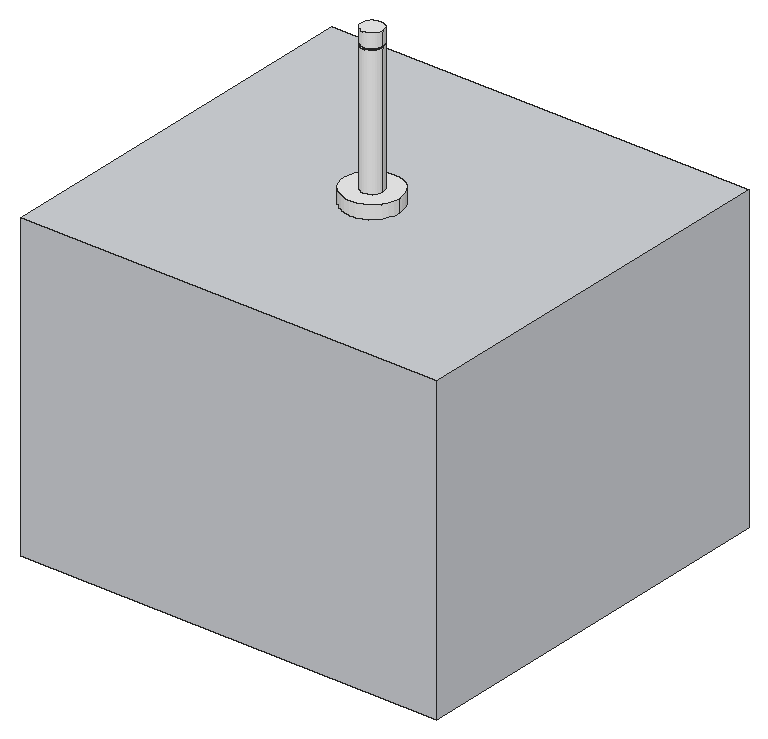
Revit family "IS_Idealrain_B9446_BIM_DE", category Plumbing Fixtures, host Face, Revit 2016
Family settings
  Host = Face
  Part Type = Normal
  Round Connector Dimension = Use Diameter
  OmniClass Number = 23.45.55.17
  OmniClass Title = Mixing Faucets
  Cut with Voids When Loaded = Yes
  Shared = Yes
  Room Calculation Point = No
Parameters (values of type "B9446AA - IDEALRAIN L1 CEILING ARM 150MM CHROME")
  WorkingPressure = "1-5 Bar"
  WarrantyStartDate = "n/a"
  WarrantyGuarantorParts = "n/a"
  WarrantyGuarantorLabor = "n/a"
  WarrantyDurationUnit = "n/a"
  WarrantyDurationParts = "n/a"
  WarrantyDurationLabor = "n/a"
  WarrantyDescription = "n/a"
  WFU = 0
  VolumeUnits = "Litres"
  Version = "1"
  ValvePattern = "n/a"
  ValveOperation = "n/a"
  ValveMechanism = "n/a"
  Uniclass2015Version = "Products v1.1"
  Uniclass2015Title = "Shower fittings package"
  Uniclass2015Code = "Pr_40_20_87_75"
  URL = "www.idealstandard.de"
  Type Comments = "n/a"
  TestPressure = "10 Bar"
  TagNumber = "n/a"
  SustainabilityPerformance = "n/a"
  SpareParts = "www.idealstandard.de/ersatzteile"
  Space = "Internal"
  Size = "160 x 55 x 55 mm"
  Shape = "Sculptured"
  SerialNumber = "n/a"
  Revision = "n/a"
  ReplacementCost = "n/a"
  Reference = "n/a"
  ProductInformation = "www.idealstandard.de"
  PredefinedType = "n/a"
  Phone = "+49228 5210"
  NominalWidth = 55 mm
  NominalLength = 55 mm
  NominalHeight = 158 mm
  NominalDepth = 0 mm
  NettWeight = "0,175 kg"
  Name = "ISI_IdealStandard_MixerTaps_IDEALRAIN_B9446AA"
  NBSTypeID = "n/a"
  NBSReference = "45-35-70/330"
  NBSOfficeMasterTag = "n/a"
  NBSNote = "n/a"
  NBSDescription = "Shower fittings package"
  NBSCertification = "n/a"
  ModelReference = "IS Deckenanschluss IDEALRAIN, 150mm, Chrom"
  ModelNumber = "B9446AA"
  Model = "B9446AA"
  Material = "Brass"
  ManufacturerURL = "www.idealstandard.de"
  Manufacturer = "idealstandard.de@idealstandard.com"
  LinearUnits = "millimeters"
  InstallationInstructions = "www.idealstandard.de\\produkte"
  InstallationDate = "1900-12-31T23:59:59"
  IfcExportType = "FAUCET"
  IfcExportAs = "IfcValveType"
  Help = "idealstandard.de@idealstandard.com"
  HWFU = 0
  GrossWeight = "0,232 kg"
  Grade = "n/a"
  FlowRate = "n/a"
  FlowCoefficient = "n/a"
  Finish = "Chrome"
  Features = "IDEALRAIN vertical arm for shower head"
  FaucetType = "PILLAR"
  FaucetTopDescription = "n/a"
  FaucetOperation = "LEVERHANDLE"
  FaucetFunction = "MIXED"
  ExpectedLife = "25"
  DurationUnit = "year"
  DistributedBy = "n/a"
  Description = "Idealrain L1 Ceiling Arm 150mm"
  Default Elevation = 0 mm
  CurrencyUnit = "€"
  CreatedOn = "42774"
  Cost = 0
  Constituents = "n/a"
  ConnectionType = "Plumbing"
  Color = "Chrome"
  CodePerformance = "n/a"
  CloseOffRating = "n/a"
  Category = "n/a"
  CWFU = 0
  Brand = "Ideal Standard"
  BarCode = "3800861023937"
  BIMObjectName = "ISI_IdealStandard_MixerTaps_IDEALRAIN_B9446AA"
  Author = "Ideal Standard"
  AssetType = "Fixed"
  AssetIdentifier = "n/a"
  Assembly Code = "C1030200"
  AreaUnits = "millimeters"
  AreaMeasurement = "n/a"
  Accessories = "www.idealstandard.de\\ersatzteile"
  AccessibilityPerformance = "n/a"
Reference planes
  plane 1 "Center (Front/Back)": y = 0
  plane 2: z = 0
  plane 3 "Center (Left/Right)": x = 0
  plane 4: z = 13
  plane 5: z = 158
  plane 6: z = -12
  plane 7: y = 27.5
  plane 8: y = -27.5
  plane 9: x = -27.5
  plane 10: x = 27.5
Forms (mm)
  Extrusion 1, solid
    sketch origin (-2.122, -192.856, 0) x (1, 0, 0) y (0, 1, 0)
      loop
        line (-197.878, 392.856) -> (-197.878, 0.823) -> (220.32, 0.823) -> (220.32, 392.856) -> (-197.878, 392.856)
    from 0 to -304.8
  Extrusion 2, solid, material "IS_RenderMaterial_Chrome - Polished"
    sketch origin (0, 41.65, 158) x (0, 1, 0) y (-1, 0, 0)
      loop
        circle (-41.65, 0) r 10.5
    from 0 to -170
  Extrusion 3, solid, material "IS_RenderMaterial_Chrome - Polished"
    sketch origin (0, 0, 0) x (1, 0, 0) y (0, 1, 0)
      loop
        circle (0, 0) r 27.5
    from 0 to 13
  Revolve 4, void
    sketch origin (0, 0, 0) x (1, 0, 0) y (0, 0, 1)
      loop
        line (10.5, 144.445) -> (9.648, 143.953) -> (9.648, 142.948) -> (10.5, 142.456) -> (10.5, 144.445)
      loop
        line (10.5, 0) -> (9.648, -0.492) -> (9.648, -1.497) -> (10.5, -1.989) -> (10.5, 0)
      axis (0, 144.445) -> (0, -1.989)
    angle from 0 to 360
  Revolve 5, void
    sketch origin (0, 0, 0) x (0, 1, 0) y (0, 0, 1)
      loop
        line (0, 0) -> (0, -12) -> (10.5, -12) -> (10.5, 0) -> (0, 0)
      axis (0, 0) -> (0, -12)
    angle from 0 to 360
Cuts and joins
  Revolve 4 cuts Extrusion 2
  Revolve 4 cuts Extrusion 3
  joined: Extrusion 2, Extrusion 3
Dimensions and locks
  plane 4 to level = 13 mm
  "NominalHeight": plane 5 to level
  "NominalLength": plane 7 to plane 8
  "NominalWidth": plane 9 to plane 10
  aligned and locked: plane 2 to Extrusion 1
  aligned and locked: level to Extrusion 1
  aligned and locked: plane 4 to Extrusion 3
Automatic sketch dimensions
  Extrusion 1 sketch curve to Extrusion 1 sketch curve = 418.198 mm
  Extrusion 1 sketch curve to Extrusion 1 sketch curve = 392.033 mm
  plane 1 "Center (Front/Back)" to Extrusion 2 sketch curve = 0 mm
  Extrusion 2 sketch curve to plane 3 "Center (Left/Right)" = 0 mm
  plane 1 "Center (Front/Back)" to Extrusion 3 sketch curve = 0 mm
  Extrusion 3 sketch curve to plane 3 "Center (Left/Right)" = 0 mm
  Revolve 4 sketch curve to plane 3 "Center (Left/Right)" = 0 mm
  Revolve 4 sketch curve to level = 0 mm
  plane 3 "Center (Left/Right)" to Revolve 4 sketch curve = 9.648 mm  (x2)
  Revolve 4 sketch curve to level = 1.497 mm
  Revolve 4 sketch curve to Revolve 4 sketch curve = 0.852 mm  (x2)
  Revolve 4 sketch curve to level = 1.989 mm
  Revolve 4 sketch curve to level = 0.492 mm
  Revolve 4 sketch curve to plane 5 = 15.544 mm
  Revolve 4 sketch curve to Revolve 4 sketch curve = 0.492 mm  (x2)
  Revolve 4 sketch curve to Revolve 4 sketch curve = 1.005 mm
  plane 4 to Revolve 4 sketch curve = 40 mm
  Revolve 4 sketch curve to Revolve 4 sketch curve = 14.948 mm
  Revolve 5 sketch curve to level = 0 mm
  Revolve 5 sketch curve to plane 1 "Center (Front/Back)" = 0 mm  (x2)
  Revolve 5 sketch curve to plane 6 = 0 mm
  Revolve 5 sketch curve to Revolve 5 sketch curve = 10.5 mm
  Revolve 5 sketch curve to Revolve 5 sketch curve = 5.725 mm
  Revolve 5 sketch curve to plane 4 = 4.428 mm
  radius of Extrusion 2 sketch curve = 10.5 mm
  radius of Extrusion 3 sketch curve = 27.5 mm
Connectors
  piping at (0, 0, 158), diameter 21
    settings: on cut or joined group of Extrusion 2, Extrusion 3, Revolve 4, index 1, connector inside diameter 24", connector length 0 mm, flow factor 0, pipe flow 0 GPM, pressure drop 0.00 psi, fitting loss kfactor 0, connector angle 0.00°, fixture units 0, engagement length 0 mm, angle of deflection 0.00°, flow configuration 2, flow direction 2, fitting loss method 0, system type 19, joint type 0, gender type 0, connector reference index -1, connector utility 0, adjustable connector no, is connector primary yes, connector description ""
  piping at (0, 0, -12), diameter 21
    settings: on cut or joined group of Extrusion 2, Extrusion 3, Revolve 4, index 2, connector inside diameter 24", connector length 0 mm, flow factor 0, pipe flow 0 GPM, pressure drop 0.00 psi, fitting loss kfactor 0, connector angle 0.00°, fixture units 0, engagement length 0 mm, angle of deflection 0.00°, flow configuration 2, flow direction 1, fitting loss method 0, system type 19, joint type 0, gender type 0, connector reference index -1, connector utility 0, adjustable connector no, is connector primary no, connector description ""
